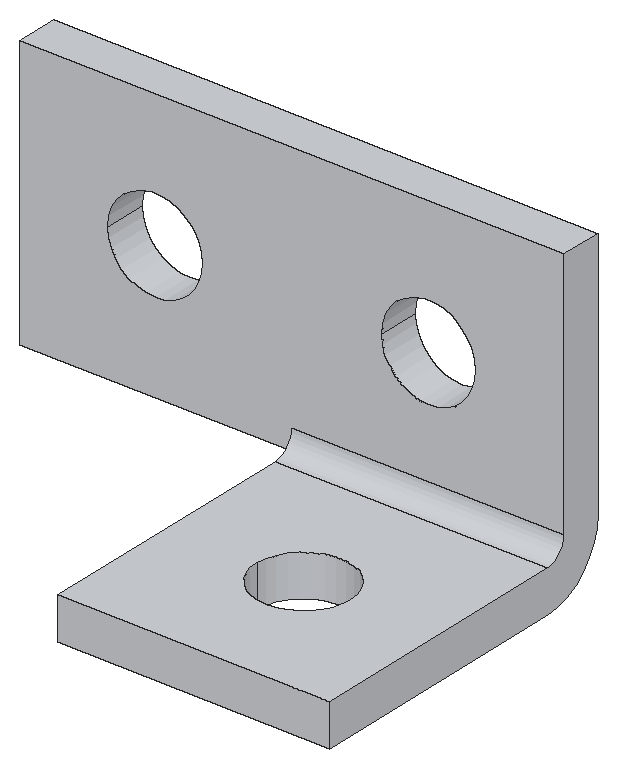
Revit family "Fitting-Ninety_Degree_Angle-Unistrut-P1823", category Specialty Equipment, Revit 2012
Parameters
  ecoScorecard_data = "http://products.ecoscorecard.com/atkore/P1823"
  ecoScorecard Product Page = "http://products.ecoscorecard.com/atkore/P1823?action=html"
  Weight Per Piece = 0.55 lbf
  Unit = none
  Unistrut Part Number = "P1823"  # constant formula
  URL = "http://unistrut.us/index.php"
  Thickness = 0' - 0 1/4"
  Subcategory = "Nintey Degree Angle Fittings"
  Product Page URL = "http://unistrut.us/index.php?WP=cat_detail&S=S05&P=P1823"
  Power Strut Part Number = "PS 720 L"  # constant formula
  Part Type = "Fitting"  # constant formula
  Overall Width = 0' - 3 1/4"
  Overall Length = 0' - 1 7/8"
  Overall Height = 0' - 2"
  Model = "P1823"
  Material = ""
  Manufacturer Phone - Toll Free = "800-882-5543"  # constant formula
  Manufacturer Phone = "708-339-1610"  # constant formula
  Manufacturer Fax = "708-339-7814"  # constant formula
  Manufacturer Email = "mailto:jshaw@atkore.com"
  Manufacturer Address = "16100 South Lathrop Avenue, Harvey, IL 60426"  # constant formula
  Manufacturer = "Unistrut by Atkore International"  # constant formula
  Load Capacity Note = "Visit the product page for load application and capacity."  # constant formula
  Literature URL = "http://unistrut.us/index.php?WP=LItLibrary"
  Hole Radius = Hole Diameter / 2  # 0' - 0 9/32"
  Hole Diameter = 0' - 0 9/16"
  Default Elevation = 4' - 0"
  Cost Info = "mailto:jshaw@atkore.com"
  Category = "Specialty Equipment"  # constant formula
  CAD URL = "http://unistrut.us/index.php?WP=CAD3d"
  Assembly Code = "D5020100"
  95 CSI = "16070"  # constant formula
  04 CSI = "26 05 48"  # constant formula
Reference planes (in)
  plane 1 "Center (Front/Back)": y = 0
  plane 2: z = 0
  plane 3 "Center (Left/Right)": x = 0
  plane 4: x = 1.625
  plane 5: x = -1.625
  plane 6: x = 0.8125
  plane 7: y = -0.93484
  plane 8: x = -0.82069
  plane 9: z = 1.06557
Dimensions and locks (in)
  "Overall Width": plane 5 to plane 4
  equal spacing: plane 4, plane 6, plane 3 "Center (Left/Right)"
  locked: plane 7 to plane 1 "Center (Front/Back)" at 0.93484
  aligned and locked: level to plane 2
  aligned and locked: nested 1 to plane 2
Nested families (in)
  nested 1: "Fitting" at (-0.00417, -0.79337, 0) x (-1, 0, 0) z (0, 0, 1), type "Fitting"
Definition of nested family "Fitting"
  Parameters (values of type "Fitting")
    ecoScorecard_data = "http://products.ecoscorecard.com/atkore/P2094"
    ecoScorecard Product Page = "http://products.ecoscorecard.com/atkore/P2094?action=html"
    Unit = none
    URL = "http://unistrut.us/index.php"
    Thickness = 0' - 0 1/4"
    Overall Width = 0' - 3 1/4"
    Overall Length = 0' - 1 7/8"
    Overall Height = 0' - 2"
    Model = "P2270"
    Material = ""
    Manufacturer = "Atkore International"  # constant formula
    Load Capacity Note = "Visit the product page for load application and capacity."  # constant formula
    Literature URL = "http://unistrut.us/index.php?WP=LItLibrary"
    Hole Radius = Hole Diameter / 2  # 0' - 0 9/32"
    Hole Diameter = 0' - 0 9/16"
    Default Elevation = 4' - 0"
    CAD URL = "http://unistrut.us/index.php?WP=CAD3d"
    Assembly Code = "D5020100"
    Angle = 85.50°
  Reference planes (in)
    plane 1 "Center (Front/Back)": y = 0
    plane 2: z = 0
    plane 3 "Center (Left/Right)": x = 0
    plane 4: z = 2.06204
  Forms (in)
    Extrusion 1, solid
      sketch origin (0, -1.04337, 1.0625) x (0, 0, -1) y (0, 1, 0)
        loop
          line (1.0625, 2) -> (0.8125, 2) -> (0.8125, 0.375)
          arc (0.8125, 0.375) -> (0.77589, 0.28661) -> (0.6875, 0.25) r 0.125
          line (0.6875, 0.25) -> (-0.8125, 0.25) -> (-0.8125, 0) -> (0.6875, 0)
          arc (0.6875, 0) -> (0.95267, 0.10983) -> (1.0625, 0.375) r 0.375
          line (1.0625, 0.375) -> (1.0625, 2)
      from -1.625 to 1.625
    Extrusion 2, void
      sketch origin (0, -1.04337, 1.0625) x (0, 0, -1) y (0, 1, 0)
        loop
          line (0.8125, 2) -> (0.8125, 0.375)
          arc (0.8125, 0.375) -> (0.77589, 0.28661) -> (0.6875, 0.25) r 0.125
          line (0.6875, 0.25) -> (0.6875, 0)
          arc (0.6875, 0) -> (0.95267, 0.10983) -> (1.0625, 0.375) r 0.375
          line (1.0625, 0.375) -> (1.0625, 2) -> (0.8125, 2)
      from 0 to 1.625
    Extrusion 3, solid
      sketch origin (0, -1.04337, 1.0625) x (0, 0, -1) y (0, 1, 0)
        loop
          line (0.8125, 0.25) -> (0.6875, 0.25) -> (0.6875, 0) -> (0.8125, 0) -> (0.8125, 0.25)
      from 0 to 1.625
    Extrusion 4, void
      sketch origin (0, -1.04337, 1.0625) x (1, 0, 0) y (0, 0, -1)
        loop
          circle (-0.81652, -0.00307) r 0.28125
        loop
          circle (0.81652, -0.00307) r 0.28125
      from -0.25392 to 0.5
    Extrusion 5, void
      sketch origin (0, -1.04337, 1.0625) x (1, 0, 0) y (0, 1, 0)
        loop
          circle (-0.81667, 1.18484) r 0.28125
      from -1.28845 to -0.5276
  Cuts and joins
    Extrusion 2, Extrusion 4, Extrusion 5 cuts Extrusion 1
    Extrusion 4 cuts Extrusion 3
    joined: Extrusion 1, Extrusion 3
  Dimensions and locks (in)
    "Hole Radius": radius of Extrusion 4 sketch curve  (x2)
    "Hole Radius": radius of Extrusion 5 sketch curve
    aligned and locked: level to plane 2
  Automatic sketch dimensions
    Extrusion 1 sketch curve to Extrusion 1 sketch curve = 0' - 0"  (x2)
    Extrusion 1 sketch curve to level = 0' - 0"
    level to Extrusion 1 sketch curve = 0' - 0 1/4"
    Extrusion 1 sketch curve to Extrusion 1 sketch curve = 0' - 0 1/8"
    Extrusion 1 sketch curve to plane 4 = 0' - 0.18704"
    plane 1 "Center (Front/Back)" to Extrusion 1 sketch curve = 0' - 1.04337"
    Extrusion 1 sketch curve to plane 1 "Center (Front/Back)" = 0' - 0.95663"
    Extrusion 2 sketch curve to Extrusion 2 sketch curve = 0' - 0"  (x2)
    Extrusion 2 sketch curve to level = 0' - 0"
    level to Extrusion 2 sketch curve = 0' - 0 1/4"
    Extrusion 2 sketch curve to Extrusion 2 sketch curve = 0' - 0 1/8"
    plane 1 "Center (Front/Back)" to Extrusion 2 sketch curve = 0' - 1.04337"
    Extrusion 2 sketch curve to plane 1 "Center (Front/Back)" = 0' - 0.95663"
    level to Extrusion 3 sketch curve = 0' - 0 3/8"
    Extrusion 3 sketch curve to Extrusion 3 sketch curve = 0' - 0 1/8"
    plane 1 "Center (Front/Back)" to Extrusion 3 sketch curve = 0' - 1.04337"
    Extrusion 3 sketch curve to Extrusion 3 sketch curve = 0' - 0 1/4"
    Extrusion 4 sketch curve to plane 3 "Center (Left/Right)" = 0' - 0.81652"
    plane 3 "Center (Left/Right)" to Extrusion 4 sketch curve = 0' - 0.81652"
    Extrusion 4 sketch curve to plane 4 = 0' - 0.99647"  (x2)
    Extrusion 5 sketch curve to plane 1 "Center (Front/Back)" = 0' - 0.14147"
    Extrusion 5 sketch curve to plane 3 "Center (Left/Right)" = 0' - 0.81667"
